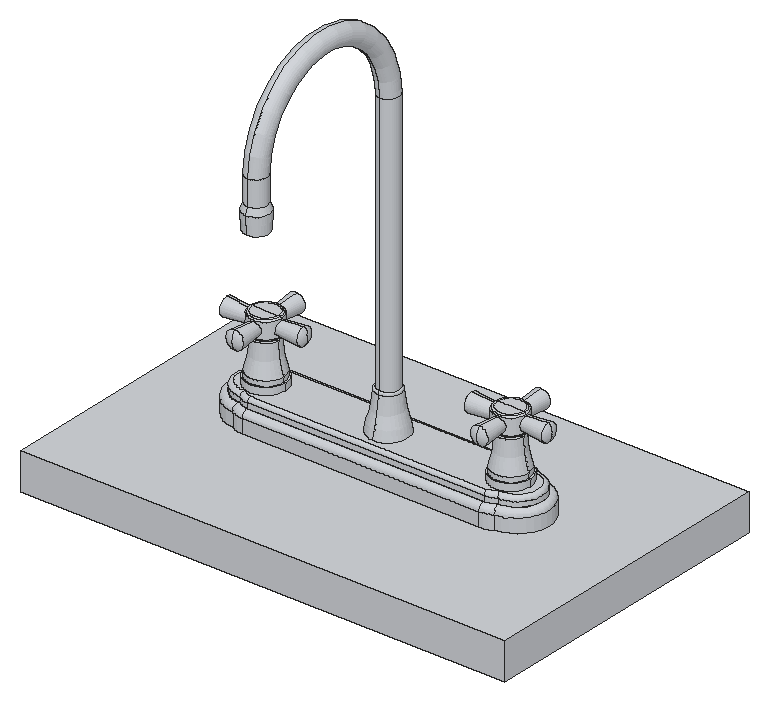
Revit family "01-0928-11 MEZCLADOR LAVAPLATOS 8 ARCO HELVETIA", category Aparatos sanitarios, Revit 2018
Family settings
  Anfitrión = Cara
  Cota de conector redondo = Diámetro de uso
  Tipo de pieza = Normal
  Número OmniClass = 23.31.11.00
  Corte con vacíos al cargar = No
  Compartido = No
  Punto de cálculo de habitación = No
Parameters (values of type "01-0928-11")
  Waste Water Outlet = ""
  Plástico - ABS Cromado = Plastico ABS Cromado
  Link Ficha Tecnica = "http://infotecnica.gricol.com/FT_01092811_01092811M.pdf"
  Conexión de residuos = 1 = 0  # no
  Conexión de ventilación = 1 = 0  # no
  URL = "https://www.gricol.com/"
  Imagen de tipo = <Ninguno>
  Product Name = "MEZCLADOR LAVAPLATOS 8 ARCO HELVETIA"  # constant formula
  Modelo = "01-0928-11"  # constant formula
  Fabricante = "Gricol"  # constant formula
  Conexión AC = 1 = 1  # yes
  Descripción = "Bimando"  # constant formula
  Default Elevation = 0.00 mm
  Date Modified = ""
  Date Created = "05/28/2020"  # constant formula
  Copyright = "All rights reserved © Gricol - 2020."  # constant formula
  CW Connection = 1 = 1  # yes
  Assembly Code = ""
  Alto brazo = 329.00 mm
  Alto Aireador = 210.00 mm
  Ancho manija = 70.00 mm
  Ancho entre manijas = 203.20 mm
  Ancho brazo = 137.00 mm
Reference planes
  plane 1 "Center (Front/Back)": y = -13.681
  plane 2: z = 0
  plane 3 "Center (Left/Right)": x = 0
  plane 4: z = 109.404
  plane 5: z = 352.955
  plane 6: z = 233.955
  plane 7: z = 23.955
  plane 8: x = -101.6
  plane 9: x = 101.6
  plane 10: x = 136.6
  plane 11: x = 66.6
  plane 12: y = -150.681
Forms (mm)
  Extrusion 1, solid
    sketch origin (-53.3, 1.055, 0) x (1, 0, 0) y (0, 1, 0)
      loop
        line (-142.656, 100.831) -> (-142.656, -151.722) -> (259.723, -151.722) -> (259.723, 100.831) -> (-142.656, 100.831)
    from 0 to -30.026
Dimensions and locks
  "Alto brazo": plane 5 to plane 7
  "Ancho entre manijas": plane 8 to plane 9
  "Alto Aireador": plane 7 to plane 6
  "Ancho manija": plane 10 to plane 11
  plane 9 to plane 8 = 203.20 mm
  plane 11 to plane 10 = 70.00 mm
  "Ancho brazo": plane 12 to plane 1 "Center (Front/Back)"
  aligned and locked: plane 2 to Extrusion 1
  aligned and locked: level to Extrusion 1
Automatic sketch dimensions
  Extrusion 1 sketch curve to Extrusion 1 sketch curve = 402.379 mm
  Extrusion 1 sketch curve to Extrusion 1 sketch curve = 252.553 mm
Nested families
  nested 1: "MEZCLADOR LAVAPLATOS 8 ARCO HELVETIA" at (0, -13.681, 0), type "MEZCLADOR LAVAPLATOS 8 ARCO HELVETIA"
Connectors
  piping at (101.6, -13.681, 23.946), diameter 12.7
    settings: on nested 1, index 1, connector inside diameter 24", connector length 0.00 mm, flow factor 0, pipe flow 0 GPM, pressure drop 0.00 psi, fitting loss kfactor 0, connector angle 0.00°, fixture units 0, engagement length 0.00 mm, angle of deflection 0.00°, flow configuration 0, flow direction 0, fitting loss method 0, system type 19, joint type 0, gender type 0, connector reference index -1, connector utility 0, adjustable connector no, is connector primary yes, connector description ""
  piping at (-101.6, -13.681, 23.946), diameter 12.7
    settings: on nested 1, index 2, connector inside diameter 24", connector length 0.00 mm, flow factor 0, pipe flow 0 GPM, pressure drop 0.00 psi, fitting loss kfactor 0, connector angle 0.00°, fixture units 0, engagement length 0.00 mm, angle of deflection 0.00°, flow configuration 0, flow direction 0, fitting loss method 0, system type 20, joint type 0, gender type 0, connector reference index -1, connector utility 0, adjustable connector no, is connector primary no, connector description ""
Definition of nested family "MEZCLADOR LAVAPLATOS 8 ARCO HELVETIA"
  Parameters (values of type "MEZCLADOR LAVAPLATOS 8 ARCO HELVETIA")
    Brazo y manija = none
  Reference planes
    plane 1 "Center (Front/Back)": y = 0
    plane 2: z = 0
    plane 3 "Center (Left/Right)": x = 0
    plane 4 "Manija 1": x = 101.6
    plane 5: z = -50
    plane 6: z = 352.955
    plane 7: z = 23.955
    plane 8: z = 233.955
    plane 9 "Manija 2": x = -101.6
    plane 10: x = -136.6
    plane 11: x = -66.6
    plane 12 "Eje aireador": y = -137
  Forms (mm)
    Revolve 1, solid
      sketch origin (0, 0, -10) x (0, 1, 0) y (0, 0, 1)
        loop
          line (0, 67.06) -> (-8.649, 67.06)
          arc (-8.649, 67.06) -> (-9.796, 66.544) -> (-10.169, 65.343) r 1.531
          spline (-10.169, 65.343) -> (-10.297, 61.104) -> (-10.624, 57.323) -> (-11.11, 53.952) -> (-11.716, 50.941) -> (-12.4, 48.241) -> (-13.124, 45.804) -> (-13.848, 43.581) -> (-14.531, 41.522) -> (-15.133, 39.579) -> (-15.614, 37.703) -> (-15.935, 35.845) -> (-16.055, 33.955)
          line (-16.055, 33.955) -> (0, 33.955) -> (0, 67.06)
        axis (0, 67.06) -> (0, 33.955)
      angle from 0 to 360
    Revolve 2, solid, material <- "Brazo y manija"
      sketch origin (41.957, 0, -11.25) x (1, 0, 0) y (0, 0, 1)
        loop
          line (67.061, 70.154) -> (67.061, 72.654) -> (59.643, 72.654) -> (59.643, 35.196) -> (76.076, 35.196) -> (76.076, 40.694) -> (74.442, 40.694) -> (74.442, 44.521)
          arc (74.442, 44.521) -> (71.278, 57.158) -> (70.382, 70.154) r 73.916
          line (70.382, 70.154) -> (67.061, 70.154)
        axis (59.643, 35.196) -> (59.643, 72.654)
      angle from 0 to 360
    Revolve 3, solid, material <- "Brazo y manija"
      sketch origin (0.151, 0, 0.766) x (1, 0, 0) y (0, 0, 1)
        loop
          arc (90.275, 76.873) -> (89.57, 76.733) -> (88.972, 76.333) r 1.842
          line (88.972, 76.333) -> (87.932, 75.292) -> (87.932, 62.219) -> (88.972, 61.178)
          arc (88.972, 61.178) -> (89.57, 60.779) -> (90.275, 60.639) r 1.842
          line (90.275, 60.639) -> (101.156, 60.639) -> (101.156, 76.873) -> (90.275, 76.873)
        axis (101.156, 60.639) -> (101.156, 76.873)
      angle from 0 to 360
    Revolve 4, solid, material <- "Brazo y manija"
      sketch origin (1.15, 0, 0.439) x (1, 0, 0) y (0, 0, 1)
        loop
          line (132.143, 76.469) -> (111.507, 74.663) -> (111.507, 69.083) -> (134.751, 69.083)
          arc (134.751, 69.083) -> (134.144, 73.022) -> (132.143, 76.469) r 10.741
        axis (111.507, 69.083) -> (134.751, 69.083)
      angle from 0 to 360
    Revolve 5, solid, material <- "Brazo y manija"
      sketch origin (101.307, -100.157, 0.439) x (0, 1, 0) y (0, 0, 1)
        loop
          line (132.143, 76.469) -> (111.507, 74.663) -> (111.507, 69.083) -> (134.751, 69.083)
          arc (134.751, 69.083) -> (134.144, 73.022) -> (132.143, 76.469) r 10.741
        axis (111.507, 69.083) -> (134.751, 69.083)
      angle from 0 to 360
    Revolve 6, solid, material <- "Brazo y manija"
      sketch origin (201.464, 0, 0.439) x (-1, 0, 0) y (0, 0, 1)
        loop
          line (132.143, 76.469) -> (111.507, 74.663) -> (111.507, 69.083) -> (134.751, 69.083)
          arc (134.751, 69.083) -> (134.144, 73.022) -> (132.143, 76.469) r 10.741
        axis (111.507, 69.083) -> (134.751, 69.083)
      angle from 0 to 360
    Revolve 7, solid, material <- "Brazo y manija"
      sketch origin (101.307, 100.157, 0.439) x (0, -1, 0) y (0, 0, 1)
        loop
          line (132.143, 76.469) -> (111.507, 74.663) -> (111.507, 69.083) -> (134.751, 69.083)
          arc (134.751, 69.083) -> (134.144, 73.022) -> (132.143, 76.469) r 10.741
        axis (111.507, 69.083) -> (134.751, 69.083)
      angle from 0 to 360
    Revolve 8, solid, material <- "Brazo y manija", not visible
      sketch origin (-41.806, 0, 0.766) x (1, 0, 0) y (0, 0, 1)
        loop
          arc (90.275, 76.873) -> (89.57, 76.733) -> (88.972, 76.333) r 1.842
          line (88.972, 76.333) -> (87.932, 75.292) -> (87.932, 62.219) -> (88.972, 61.178)
          arc (88.972, 61.178) -> (89.57, 60.779) -> (90.275, 60.639) r 1.842
          line (90.275, 60.639) -> (101.156, 60.639) -> (101.156, 76.873) -> (90.275, 76.873)
        axis (101.156, 60.639) -> (101.156, 76.873)
      angle from 0 to 360
    Revolve 9, solid, material <- "Brazo y manija", not visible
      sketch origin (-40.807, 0, 0.439) x (1, 0, 0) y (0, 0, 1)
        loop
          line (132.143, 76.469) -> (111.507, 74.663) -> (111.507, 69.083) -> (134.751, 69.083)
          arc (134.751, 69.083) -> (134.144, 73.022) -> (132.143, 76.469) r 10.741
        axis (111.507, 69.083) -> (134.751, 69.083)
      angle from 0 to 360
    Revolve 10, solid, material <- "Brazo y manija", not visible
      sketch origin (59.35, -100.157, 0.439) x (0, 1, 0) y (0, 0, 1)
        loop
          line (132.143, 76.469) -> (111.507, 74.663) -> (111.507, 69.083) -> (134.751, 69.083)
          arc (134.751, 69.083) -> (134.144, 73.022) -> (132.143, 76.469) r 10.741
        axis (111.507, 69.083) -> (134.751, 69.083)
      angle from 0 to 360
    Revolve 11, solid, material <- "Brazo y manija", not visible
      sketch origin (159.508, 0, 0.439) x (-1, 0, 0) y (0, 0, 1)
        loop
          line (132.143, 76.469) -> (111.507, 74.663) -> (111.507, 69.083) -> (134.751, 69.083)
          arc (134.751, 69.083) -> (134.144, 73.022) -> (132.143, 76.469) r 10.741
        axis (111.507, 69.083) -> (134.751, 69.083)
      angle from 0 to 360
    Revolve 12, solid, material <- "Brazo y manija", not visible
      sketch origin (59.35, 100.157, 0.439) x (0, -1, 0) y (0, 0, 1)
        loop
          line (132.143, 76.469) -> (111.507, 74.663) -> (111.507, 69.083) -> (134.751, 69.083)
          arc (134.751, 69.083) -> (134.144, 73.022) -> (132.143, 76.469) r 10.741
        axis (111.507, 69.083) -> (134.751, 69.083)
      angle from 0 to 360
    Revolve 13, solid, material <- "Brazo y manija", not visible
      sketch origin (0, 0, -11.25) x (1, 0, 0) y (0, 0, 1)
        loop
          line (67.061, 70.154) -> (67.061, 72.654) -> (59.643, 72.654) -> (59.643, 35.196) -> (76.076, 35.196) -> (76.076, 40.694) -> (74.442, 40.694) -> (74.442, 44.521)
          arc (74.442, 44.521) -> (71.278, 57.158) -> (70.382, 70.154) r 73.916
          line (70.382, 70.154) -> (67.061, 70.154)
        axis (59.643, 35.196) -> (59.643, 72.654)
      angle from 0 to 360
    Revolve 14, solid, material <- "Brazo y manija"
      sketch origin (-161.243, 0, -11.25) x (1, 0, 0) y (0, 0, 1)
        loop
          line (67.061, 70.154) -> (67.061, 72.654) -> (59.643, 72.654) -> (59.643, 35.196) -> (76.076, 35.196) -> (76.076, 40.694) -> (74.442, 40.694) -> (74.442, 44.521)
          arc (74.442, 44.521) -> (71.278, 57.158) -> (70.382, 70.154) r 73.916
          line (70.382, 70.154) -> (67.061, 70.154)
        axis (59.643, 35.196) -> (59.643, 72.654)
      angle from 0 to 360
    Revolve 15, solid, material <- "Brazo y manija"
      sketch origin (-203.049, 0, 0.766) x (1, 0, 0) y (0, 0, 1)
        loop
          arc (90.275, 76.873) -> (89.57, 76.733) -> (88.972, 76.333) r 1.842
          line (88.972, 76.333) -> (87.932, 75.292) -> (87.932, 62.219) -> (88.972, 61.178)
          arc (88.972, 61.178) -> (89.57, 60.779) -> (90.275, 60.639) r 1.842
          line (90.275, 60.639) -> (101.156, 60.639) -> (101.156, 76.873) -> (90.275, 76.873)
        axis (101.156, 60.639) -> (101.156, 76.873)
      angle from 0 to 360
    Revolve 16, solid, material <- "Brazo y manija"
      sketch origin (-202.05, 0, 0.439) x (1, 0, 0) y (0, 0, 1)
        loop
          line (132.143, 76.469) -> (111.507, 74.663) -> (111.507, 69.083) -> (134.751, 69.083)
          arc (134.751, 69.083) -> (134.144, 73.022) -> (132.143, 76.469) r 10.741
        axis (111.507, 69.083) -> (134.751, 69.083)
      angle from 0 to 360
    Revolve 17, solid, material <- "Brazo y manija"
      sketch origin (-101.893, -100.157, 0.439) x (0, 1, 0) y (0, 0, 1)
        loop
          line (132.143, 76.469) -> (111.507, 74.663) -> (111.507, 69.083) -> (134.751, 69.083)
          arc (134.751, 69.083) -> (134.144, 73.022) -> (132.143, 76.469) r 10.741
        axis (111.507, 69.083) -> (134.751, 69.083)
      angle from 0 to 360
    Revolve 18, solid, material <- "Brazo y manija"
      sketch origin (-1.736, 0, 0.439) x (-1, 0, 0) y (0, 0, 1)
        loop
          line (132.143, 76.469) -> (111.507, 74.663) -> (111.507, 69.083) -> (134.751, 69.083)
          arc (134.751, 69.083) -> (134.144, 73.022) -> (132.143, 76.469) r 10.741
        axis (111.507, 69.083) -> (134.751, 69.083)
      angle from 0 to 360
    Revolve 19, solid, material <- "Brazo y manija"
      sketch origin (-101.893, 100.157, 0.439) x (0, -1, 0) y (0, 0, 1)
        loop
          line (132.143, 76.469) -> (111.507, 74.663) -> (111.507, 69.083) -> (134.751, 69.083)
          arc (134.751, 69.083) -> (134.144, 73.022) -> (132.143, 76.469) r 10.741
        axis (111.507, 69.083) -> (134.751, 69.083)
      angle from 0 to 360
    Extrusion 20, solid
      sketch origin (-12.885, 21.354, 81.881) x (1, 0, 0) y (0, 1, 0)
        loop
          arc (-85.786, 3.579) -> (-91.272, 2.528) -> (-95.979, -0.478) r 14.833
          arc (-95.979, -0.478) -> (-114.809, -22.401) -> (-93.864, -42.313) r 20.971
          arc (-93.864, -42.313) -> (-89.613, -44.774) -> (-84.776, -45.628) r 14.114
          line (-84.776, -45.628) -> (111.798, -45.628)
          arc (111.798, -45.628) -> (116.296, -44.886) -> (120.316, -42.737) r 13.992
          arc (120.316, -42.737) -> (141.351, -22.632) -> (122.217, -0.709) r 21.057
          arc (122.217, -0.709) -> (117.401, 2.466) -> (111.742, 3.579) r 14.938
          line (111.742, 3.579) -> (-85.786, 3.579)
      from -65.381 to -57.926
    Extrusion 21, solid
      sketch origin (0, 0, 0) x (1, 0, 0) y (0, 1, 0)
        loop
          arc (-98.672, 30.053) -> (-105.227, 28.946) -> (-111.055, 25.746) r 19.953
          arc (-111.055, 25.746) -> (-132.81, -1.25) -> (-108.547, -26.017) r 26.091
          arc (-108.547, -26.017) -> (-103.36, -28.53) -> (-97.662, -29.394) r 19.234
          line (-97.662, -29.394) -> (98.913, -29.394)
          arc (98.913, -29.394) -> (104.218, -28.643) -> (109.106, -26.449) r 19.112
          arc (109.106, -26.449) -> (133.578, -1.557) -> (111.552, 25.524) r 26.177
          arc (111.552, 25.524) -> (105.596, 28.887) -> (98.857, 30.053) r 20.058
          line (98.857, 30.053) -> (-98.672, 30.053)
      from 0 to 16.5
    Sweep 22, void
      path origin (0, 0, 0) x (1, 0, 0) y (0, 1, 0)
        loop
          arc (-108.864, 20.877) -> (-127.694, -1.047) -> (-106.749, -20.959) r 20.971
          arc (-106.749, -20.959) -> (-102.498, -23.419) -> (-97.662, -24.274) r 14.114
          line (-97.662, -24.274) -> (98.913, -24.274)
          arc (98.913, -24.274) -> (103.41, -23.531) -> (107.431, -21.383) r 13.992
          arc (107.431, -21.383) -> (128.466, -1.278) -> (109.332, 20.645) r 21.057
          arc (109.332, 20.645) -> (104.516, 23.82) -> (98.857, 24.933) r 14.938
          line (98.857, 24.933) -> (-98.672, 24.933)
          arc (-98.672, 24.933) -> (-104.157, 23.882) -> (-108.864, 20.877) r 14.833
      profile origin (-127.694, -1.047, 0) x (0.998724, 0.050493, 0) y (0, 0, 1)
        loop
          line (-5.12, 0) -> (-5.12, 11.5)
          arc (-5.12, 11.5) -> (-3.656, 15.036) -> (-0.12, 16.5) r 5
          line (-0.12, 16.5) -> (-0.12, 18.992) -> (-8.705, 18.992) -> (-8.705, 0) -> (-5.12, 0)
    Sweep 23, void
      path origin (0, 0, 16.5) x (1, 0, 0) y (0, 1, 0)
        loop
          arc (-108.048, 19.109) -> (-125.865, -0.978) -> (-106.068, -19.117) r 19.141
          arc (-106.068, -19.117) -> (-102.182, -21.582) -> (-97.662, -22.444) r 12.284
          line (-97.662, -22.444) -> (98.913, -22.444)
          arc (98.913, -22.444) -> (103.114, -21.695) -> (106.797, -19.542) r 12.162
          arc (106.797, -19.542) -> (126.638, -1.179) -> (108.503, 18.871) r 19.227
          arc (108.503, 18.871) -> (104.123, 21.999) -> (98.857, 23.103) r 13.108
          line (98.857, 23.103) -> (-98.672, 23.103)
          arc (-98.672, 23.103) -> (-103.767, 22.063) -> (-108.048, 19.109) r 13.003
      profile origin (-125.865, -0.978, 16.5) x (0.998661, 0.051723, 0) y (0, 0, 1)
        loop
          line (-1.328, 0) -> (-1.328, 4.02)
          arc (-1.328, 4.02) -> (-0.322, 6.449) -> (2.107, 7.455) r 3.435
          line (2.107, 7.455) -> (3.672, 7.455) -> (3.672, 9.491) -> (-3.663, 9.491) -> (-3.663, 0) -> (-1.328, 0)
    Sweep 24, solid
      path origin (0, 0, 0) x (0, -1, 0) y (0, 0, -1)
        loop
          line (-0.096, -57.104) -> (-0.096, -275.231)
          arc (-0.096, -275.231) -> (68.452, -343.779) -> (137, -275.231) r 68.548
          line (137, -275.231) -> (137, -254.592)
      profile origin (0, 0.096, 166.167) x (0, -1, 0) y (1, 0, 0)
        loop
          circle (0, 0) r 8.488
    Revolve 25, solid
      sketch origin (0, 0.859, -0.156) x (0, -1, 0) y (0, 0, -1)
        loop
          line (129.164, -254.748) -> (137.752, -254.748) -> (137.752, -241.939) -> (129.11, -241.531) -> (129.462, -234.066) -> (127.671, -234.066) -> (126.974, -248.83) -> (129.164, -254.748)
        axis (137.752, -234.066) -> (137.752, -254.748)
      angle from 0 to 360
  Cuts and joins
    joined: Revolve 3, Revolve 4, Revolve 5, Revolve 6, Revolve 7
    Sweep 22, Sweep 23 cuts Extrusion 21
    Sweep 23 cuts Extrusion 20
  Dimensions and locks
    plane 6 to plane 7 = 329.00 mm
    locked: plane 7 to plane 8 at 210
    plane 4 "Manija 1" to plane 9 "Manija 2" = 203.20 mm
    equal spacing: plane 4 "Manija 1", plane 3 "Center (Left/Right)", plane 9 "Manija 2"
    locked: plane 11 to plane 10 at 70
    plane 12 "Eje aireador" to plane 1 "Center (Front/Back)" = 137.00 mm
    aligned and locked: plane 2 to level
  Automatic sketch dimensions
    plane 7 to Revolve 1 sketch curve = 0.00 mm
    Revolve 1 sketch curve to plane 1 "Center (Front/Back)" = 0.00 mm  (x2)
    Revolve 1 sketch curve to Revolve 1 sketch curve = 1.52 mm
    Revolve 1 sketch curve to plane 7 = 31.388 mm
    Revolve 1 sketch curve to Revolve 1 sketch curve = 0.186 mm
    Revolve 1 sketch curve to plane 5 = 24.359 mm
    Revolve 1 sketch curve to Revolve 1 sketch curve = 7.859 mm
    Extrusion 20 sketch curve to plane 1 "Center (Front/Back)" = 0.012 mm
    Extrusion 20 sketch curve to plane 9 "Manija 2" = 5.149 mm
    plane 9 "Manija 2" to Extrusion 20 sketch curve = 2.928 mm
    plane 9 "Manija 2" to Extrusion 20 sketch curve = 3.938 mm
    Extrusion 20 sketch curve to plane 4 "Manija 1" = 2.743 mm
    Extrusion 20 sketch curve to plane 4 "Manija 1" = 2.687 mm
    plane 1 "Center (Front/Back)" to Extrusion 20 sketch curve = 0.326 mm
    plane 4 "Manija 1" to Extrusion 20 sketch curve = 5.831 mm
    Extrusion 20 sketch curve to Extrusion 20 sketch curve = 13.992 mm
    Extrusion 20 sketch curve to plane 1 "Center (Front/Back)" = 9.995 mm
    Extrusion 20 sketch curve to plane 1 "Center (Front/Back)" = 10.101 mm
    Extrusion 20 sketch curve to Extrusion 20 sketch curve = 14.938 mm
    Extrusion 21 sketch curve to plane 1 "Center (Front/Back)" = 0.012 mm
    Extrusion 21 sketch curve to plane 9 "Manija 2" = 5.149 mm
    plane 9 "Manija 2" to Extrusion 21 sketch curve = 2.928 mm
    plane 9 "Manija 2" to Extrusion 21 sketch curve = 3.938 mm
    Extrusion 21 sketch curve to plane 4 "Manija 1" = 2.743 mm
    Extrusion 21 sketch curve to plane 4 "Manija 1" = 2.687 mm
    plane 1 "Center (Front/Back)" to Extrusion 21 sketch curve = 0.326 mm
    plane 4 "Manija 1" to Extrusion 21 sketch curve = 5.831 mm
    Extrusion 21 sketch curve to Extrusion 21 sketch curve = 19.112 mm
    Extrusion 21 sketch curve to plane 1 "Center (Front/Back)" = 9.995 mm
    Extrusion 21 sketch curve to plane 1 "Center (Front/Back)" = 10.101 mm
    Extrusion 21 sketch curve to Extrusion 21 sketch curve = 19.953 mm
    Extrusion 21 sketch curve to plane 9 "Manija 2" = 6.947 mm
    plane 4 "Manija 1" to Extrusion 21 sketch curve = 7.506 mm
    Sweep 22 sketch curve to plane 1 "Center (Front/Back)" = 0.012 mm
    Sweep 22 sketch curve to plane 9 "Manija 2" = 5.149 mm
    plane 9 "Manija 2" to Sweep 22 sketch curve = 2.928 mm
    plane 9 "Manija 2" to Sweep 22 sketch curve = 3.938 mm
    Sweep 22 sketch curve to plane 4 "Manija 1" = 2.743 mm
    Sweep 22 sketch curve to plane 4 "Manija 1" = 2.687 mm
    plane 1 "Center (Front/Back)" to Sweep 22 sketch curve = 0.326 mm
    plane 4 "Manija 1" to Sweep 22 sketch curve = 5.831 mm
    Sweep 22 sketch curve to plane 1 "Center (Front/Back)" = 9.995 mm
    Sweep 22 sketch curve to plane 1 "Center (Front/Back)" = 10.101 mm
    Sweep 22 sketch curve to Sweep 22 sketch curve = 14.938 mm
    Sweep 22 sketch curve to level = 0.00 mm
    profile plane to Sweep 22 sketch curve = 8.705 mm
    Sweep 22 sketch curve to Sweep 22 sketch curve = 3.585 mm
    profile plane to Sweep 22 sketch curve = 0.12 mm
    level to Sweep 22 sketch curve = 11.50 mm
    Sweep 22 sketch curve to Sweep 22 sketch curve = 7.492 mm
    Sweep 23 sketch curve to plane 1 "Center (Front/Back)" = 0.012 mm
    Sweep 23 sketch curve to plane 9 "Manija 2" = 5.149 mm
    plane 9 "Manija 2" to Sweep 23 sketch curve = 2.928 mm
    plane 9 "Manija 2" to Sweep 23 sketch curve = 3.938 mm
    Sweep 23 sketch curve to plane 4 "Manija 1" = 2.743 mm
    Sweep 23 sketch curve to plane 4 "Manija 1" = 2.687 mm
    plane 1 "Center (Front/Back)" to Sweep 23 sketch curve = 0.326 mm
    plane 4 "Manija 1" to Sweep 23 sketch curve = 5.831 mm
    Sweep 23 sketch curve to Sweep 23 sketch curve = 12.162 mm
    Sweep 23 sketch curve to plane 1 "Center (Front/Back)" = 9.995 mm
    Sweep 23 sketch curve to plane 1 "Center (Front/Back)" = 10.101 mm
    Sweep 23 sketch curve to Sweep 23 sketch curve = 13.108 mm
    Sweep 23 sketch curve to plane 9 "Manija 2" = 6.448 mm
    plane 4 "Manija 1" to Sweep 23 sketch curve = 5.197 mm
    Sweep 23 sketch curve to profile plane = 0.00 mm
    profile plane to Sweep 23 sketch curve = 3.663 mm
    profile plane to Sweep 23 sketch curve = 1.328 mm
    Sweep 23 sketch curve to profile plane = 2.107 mm
    Sweep 23 sketch curve to Sweep 23 sketch curve = 1.565 mm
    profile plane to Sweep 23 sketch curve = 4.02 mm
    Sweep 23 sketch curve to Sweep 23 sketch curve = 5.471 mm
    Sweep 24 sketch curve to profile plane = 0.00 mm  (x2)
    plane 12 "Eje aireador" to Revolve 25 sketch curve = 10.885 mm
    plane 8 to Revolve 25 sketch curve = 0.045 mm
    plane 12 "Eje aireador" to Revolve 25 sketch curve = 10.189 mm
    Revolve 25 sketch curve to Revolve 25 sketch curve = 1.44 mm
    Revolve 25 sketch curve to Revolve 25 sketch curve = 2.189 mm
    Revolve 25 sketch curve to Revolve 25 sketch curve = 1.792 mm
    plane 12 "Eje aireador" to Revolve 25 sketch curve = 0.107 mm  (x2)
    Revolve 25 sketch curve to plane 8 = 7.42 mm
    Revolve 25 sketch curve to Revolve 25 sketch curve = 7.299 mm
    Revolve 25 sketch curve to Revolve 25 sketch curve = 5.918 mm
    Revolve 25 sketch curve to Revolve 25 sketch curve = 2.352 mm
    Revolve 25 sketch curve to Revolve 25 sketch curve = 10.045 mm
    plane 1 "Center (Front/Back)" to Revolve 1 sketch curve = 8.649 mm
    plane 1 "Center (Front/Back)" to Revolve 1 sketch curve = 16.055 mm
    plane 1 "Center (Front/Back)" to Extrusion 20 sketch curve = 10.16 mm
    plane 1 "Center (Front/Back)" to Extrusion 20 sketch curve = 10.282 mm
    plane 1 "Center (Front/Back)" to Extrusion 21 sketch curve = 10.16 mm
    plane 1 "Center (Front/Back)" to Extrusion 21 sketch curve = 10.282 mm
    plane 1 "Center (Front/Back)" to Sweep 22 sketch curve = 10.16 mm
    plane 1 "Center (Front/Back)" to Sweep 22 sketch curve = 10.282 mm
    Sweep 22 sketch curve to Sweep 22 sketch curve = 14.114 mm
    plane 1 "Center (Front/Back)" to Sweep 23 sketch curve = 10.16 mm
    plane 1 "Center (Front/Back)" to Sweep 23 sketch curve = 10.282 mm
    Sweep 24 sketch curve to plane 12 "Eje aireador" = 0.00 mm
    plane 1 "Center (Front/Back)" to Sweep 24 sketch curve = 68.452 mm
    Sweep 24 sketch curve to plane 8 = 41.276 mm
    Sweep 24 sketch curve to plane 8 = 20.637 mm
    Sweep 24 sketch curve to plane 7 = 33.148 mm
    Revolve 14 sketch curve to Revolve 14 sketch curve = 7.417 mm  (x2)
    Revolve 14 sketch curve to Revolve 14 sketch curve = 3.322 mm
    Revolve 14 sketch curve to Revolve 14 sketch curve = 14.799 mm
    Revolve 14 sketch curve to Revolve 14 sketch curve = 1.634 mm
    Revolve 14 sketch curve to Revolve 14 sketch curve = 73.902 mm
    Revolve 14 sketch curve to Revolve 14 sketch curve = 24.20 mm
    Revolve 14 sketch curve to Revolve 14 sketch curve = 2.50 mm
    Revolve 14 sketch curve to Revolve 14 sketch curve = 5.498 mm
    Revolve 14 sketch curve to Revolve 14 sketch curve = 3.827 mm
    Revolve 14 sketch curve to Revolve 14 sketch curve = 10.00 mm
    Revolve 14 sketch curve to Revolve 14 sketch curve = 12.50 mm
    Revolve 2 sketch curve to Revolve 2 sketch curve = 7.417 mm  (x2)
    Revolve 2 sketch curve to Revolve 2 sketch curve = 3.322 mm
    Revolve 2 sketch curve to Revolve 2 sketch curve = 14.799 mm
    Revolve 2 sketch curve to Revolve 2 sketch curve = 1.634 mm
    Revolve 2 sketch curve to Revolve 2 sketch curve = 73.902 mm
    Revolve 2 sketch curve to Revolve 2 sketch curve = 24.20 mm
    Revolve 2 sketch curve to Revolve 2 sketch curve = 2.50 mm
    Revolve 2 sketch curve to Revolve 2 sketch curve = 5.498 mm
    Revolve 2 sketch curve to Revolve 2 sketch curve = 3.827 mm
    Revolve 2 sketch curve to Revolve 2 sketch curve = 10.00 mm
    Revolve 2 sketch curve to Revolve 2 sketch curve = 12.50 mm
    Revolve 13 sketch curve to Revolve 13 sketch curve = 7.417 mm  (x2)
    Revolve 13 sketch curve to Revolve 13 sketch curve = 3.322 mm
    Revolve 13 sketch curve to Revolve 13 sketch curve = 14.799 mm
    Revolve 13 sketch curve to Revolve 13 sketch curve = 1.634 mm
    Revolve 13 sketch curve to Revolve 13 sketch curve = 73.902 mm
    Revolve 13 sketch curve to Revolve 13 sketch curve = 24.20 mm
    Revolve 13 sketch curve to Revolve 13 sketch curve = 2.50 mm
    Revolve 13 sketch curve to Revolve 13 sketch curve = 5.498 mm
    Revolve 13 sketch curve to Revolve 13 sketch curve = 3.827 mm
    Revolve 13 sketch curve to Revolve 13 sketch curve = 10.00 mm
    Revolve 13 sketch curve to Revolve 13 sketch curve = 12.50 mm
    radius of Sweep 24 sketch curve = 8.488 mm
